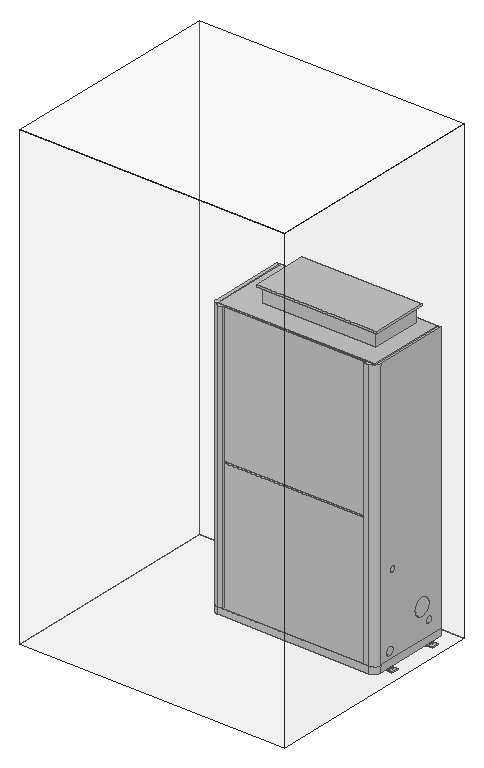
Revit family "pft-p224_560dme3_60Hz", category 機械設備, Revit 2019
Family settings
  丸型コネクタ寸法 = 直径を使用
  パーツ タイプ = 標準
  OmniClass 番号 = 23.75.10.24.21.27.27
  OmniClass タイトル = Split System Air Conditioning Units
  作業面ベース = いいえ
  常に垂直 = はい
  ロード時にボイドで切り取り = いいえ
  共有 = いいえ
  部屋計算ポイント = いいえ
Parameters (values of type "PFT-P224DME3")
  風量（m3／min） = 65
  風量 = MAX風量  # 3900.0 m³/h
  音響パワーレベル(dB) = 69
  電源種別 = ""
  電圧_電気ヒーター = 0 V
  電圧 = 200 V
  電動機出力_送風機 = 1500 W
  電動機出力_圧縮機 = 0 W
  運転質量 = 0.00 kg
  連動 = ""
  質量 = if(製品質量 > 運転質量, 製品質量, 運転質量) * 1.2  # 150.00 kg
  負荷分類 = 3_ファン類
  説明 = "設備用パッケージエアコン 空冷床置形・冷房専用 年間冷房中温用シリーズ"
  設計暖房能力 [instance] = 0 kW
  設計冷房能力_顕熱 [instance] = 0 kW
  設計冷房能力 [instance] = 0 kW
  設置方法 = "床置形"
  記号 [instance] = ""
  製造元 = "三菱電機株式会社"
  製品質量 = 125.00 kg
  製品出荷対象 = "国内"
  製品リリース年月 = ""
  製品グループ = ""
  系統 [instance] = ""
  符号 = "PAC-FRV(J)"
  積算_科目 = "1 空気調和設備"
  積算_拾い区分 [instance] = ""
  相_電気ヒーター = 1
  相 = 3
  盤記号 [instance] = ""
  発停方法 = ""
  特殊仕様 [instance] = ""
  火災停止 = ""
  消費電力_電気ヒーター = 0 W
  消費電力_暖房 = 0 W
  消費電力_加湿器 = 0 W
  消費電力_冷房 = 740 W
  消費電力 = if(消費電力_冷房 > 消費電力_暖房, 消費電力_冷房, 消費電力_暖房) + 消費電力_加湿器 + 消費電力_電気ヒーター  # 740 W
  法定耐用年数 = "15"
  機械基礎質量 [instance] = 0.00 kg
  機械基礎_W = 0 mm
  機械基礎_H = 0 mm
  機械基礎_D = 0 mm
  機械基礎 [instance] = no
  機外静圧 = 80.0 Pa
  極数 = 3
  材質 [instance] = ""
  本体マテリアル = none
  有効加湿量 = 0
  最小電線太さ_mm = 1.6
  最大電流値 = 6.5 A
  暖房能力 = 0 kW
  推奨ブレーカー容量 = 15 A
  形式_加湿器 = ""
  形式 = "床置（露出）立形"
  形名 = PFT-P-DME : PFT-P224DME3
  幹線記号 [instance] = ""
  始動方式 = "直入"
  呼称 = "パッケージ形空気調和機_室内機"
  周波数 = 60 Hz
  台数_手元リモコン [instance] = ""
  台数_冷媒分岐ユニット [instance] = ""
  参照している仕様書等のバージョン = "公共建築工事標準仕様書（機械設備工事編）平成31年度版"
  加湿給水管径 = 0.00 mm
  分類コード = "50053003083060"
  分類グループ = ""
  冷房能力 = 20 kW
  冷媒高低圧ガス管径 = 0.00 mm
  冷媒管径符号 = "Be"
  冷媒管径 = 100.00 mm
  冷媒液管径 = 9.52 mm
  冷媒ガス管径 = 19.05 mm
  価格 = 0
  企業コード = "108420"
  付属品_フィルター = ""
  付属品 [instance] = ""
  仕様書バージョン = "Version1.0"
  モデル = "PFT-P224DME3"
  ドレン管径 = 34.00 mm
  ダクト高 = 336 mm
  ダクト幅 = 715 mm
  サービススペース = yes
  コメント [instance] = ""
  Keynote = ""
  Width = 980 mm
  Version = ""
  Uniclass2015Version = "Systems v1.9"
  Uniclass2015Title = "Split coil remote air cooled condensing units"
  Uniclass2015Code = "Pr_70_65_03_84"
  URL = ""
  S寸法 = 150 mm
  SpecificationReference = ""
  SpecificationDescription = ""
  Revision = ""
  ProductInformation = ""
  OmniClassCode = "23-33 17 13 11"
  MAX風量 = 風量（m3／min） * 60.0 m³/h  # 3900.0 m³/h
  IfcTypeProduct = ""
  IfcProduct = ""
  IfcExportType = "AIRCONDITIONINGUNIT"
  IfcExportAs = "IfcUnitaryEquipmentType"
  Height = 1748 mm
  Depth = 485 mm
  Clearance Top = 1000 mm
  Clearance Right = 100 mm
  Clearance Left = 500 mm
  Clearance Front = 800 mm
  Clearance Back = 50 mm
  COP = 0
  Author = "三菱電機株式会社"
  APF = 0
Types (4, lengths in mm): name | 風量（m3／min） | 風量 | 音響パワーレベル(dB) | 電動機出力_送風機 | 質量 | 製品質量 | 消費電力_冷房 | 消費電力 | 機外静圧 | 最小電線太さ_mm | 最大電流値 | 推奨ブレーカー容量 | 形名 | 冷房能力 | 冷媒管径符号 | 冷媒液管径 | 冷媒ガス管径 | モデル | ドレン管径 | ダクト高 | ダクト幅 | Width | MAX風量 | Height | Depth | Clearance Left | Clearance Front
  PFT-P224DME3 | 65 | 3900.0 m³/h | 69 | 1500 W | 150.00 kg | 125.00 kg | 740 W | 740 W | 80.0 Pa | 1.6 | 6.5 A | 15 A | PFT-P-DME : PFT-P224DME3 | 20 kW | "Be" | 9.52 | 19.05 | "PFT-P224DME3" | 34.00 | 336 | 715 | 980 | 3900.0 m³/h | 1748 | 485 | 500 | 800
  PFT-P280DME3 | 90 | 5400.0 m³/h | 71 | 1500 W | 178.80 kg | 149.00 kg | 940 W | 940 W | 30.0 Pa | 1.6 | 6.5 A | 15 A | PFT-P-DME : PFT-P280DME3 | 25 kW | "Bf" | 9.52 | 22.20 | "PFT-P280DME3" | 34.00 | 336 | 895 | 1200 | 5400.0 m³/h | 1748 | 485 | 500 | 800
  PFT-P450DME3 | 140 | 8400.0 m³/h | 76 | 2200 W | 265.20 kg | 221.00 kg | 2130 W | 2130 W | 130.0 Pa | 1.6 | 9.5 A | 30 A | PFT-P-DME : PFT-P450DME3 | 40 kW | "Ch" | 12.70 | 28.58 | "PFT-P450DME3" | 42.70 | 484 | 1046 | 1200 | 8400.0 m³/h | 1899 | 635 | 100 | 1000
  PFT-P560DME3 | 165 | 9900.0 m³/h | 81 | 3700 W | 308.40 kg | 257.00 kg | 3200 W | 3200 W | 130.0 Pa | 2 | 15 A | 30 A | PFT-P-DME : PFT-P560DME3 | 50 kW | "Dh" | 15.88 | 28.58 | "PFT-P560DME3" | 42.70 | 484 | 1253 | 1420 | 9900.0 m³/h | 1899 | 635 | 100 | 1000
Reference planes
  plane 1: z = 0
  plane 2 "上": z = 1650
  plane 3: z = 1748
  plane 4: z = 0
  plane 5: z = 2748
  plane 6 "中心(正面/背面)": y = -242.5
  plane 7 "中心(左/右)": x = 0
  plane 8 "左": x = -490
  plane 9 "右": x = 490
  plane 10 "正面": y = -485
  plane 11 "背面": y = 0
  plane 12: y = 150
  plane 13: x = -640
  plane 14: y = -635
  plane 15: y = 50
  plane 16: y = -1285
  plane 17: x = -990
  plane 18: x = 590
  plane 19: x = 640
Dimensions and locks
  locked: plane 3 to plane 2 "上" at 98
  "Height": plane 3 to plane 4
  "Clearance Top": plane 5 to plane 3
  "機械基礎_H": plane 4 to plane 1
  equal spacing: plane 8 "左", plane 7 "中心(左/右)", plane 9 "右"
  "Width": plane 8 "左" to plane 9 "右"
  equal spacing: plane 10 "正面", plane 6 "中心(正面/背面)", plane 11 "背面"
  "Depth": plane 10 "正面" to plane 11 "背面"
  "S寸法": plane 11 "背面" to plane 12
  "S寸法": plane 14 to plane 10 "正面"
  "S寸法": plane 13 to plane 8 "左"
  "Clearance Left": plane 17 to plane 8 "左"
  "Clearance Right": plane 9 "右" to plane 18
  "Clearance Front": plane 16 to plane 10 "正面"
  "Clearance Back": plane 11 "背面" to plane 15
  "S寸法": plane 9 "右" to plane 19
  aligned and locked: level to plane 1
  aligned and locked: plane 18 to nested 1
  aligned and locked: plane 16 to nested 1
  aligned and locked: nested 1 to plane 17
  aligned and locked: nested 1 to plane 15
  aligned and locked: plane 7 "中心(左/右)" to nested 2
  aligned and locked: plane 6 "中心(正面/背面)" to nested 2
  aligned and locked: plane 5 to nested 1
  aligned and locked: plane 4 to nested 2
Nested families
  nested 1: "サービススペース（pft-p224_560dme3）" at (-200, -617.5, 1374), visible <- "サービススペース", type "サービススペース（pft-p224_560dme3）"
    with Width 1580 mm, Height 2748 mm, Depth 1335 mm
  nested 2: "PFT-P-DME" at (0, -242.5, 0), マテリアル1 <- "本体マテリアル", type <- "形名", type "PFT-P224DME3"
    with 表示 yes, マテリアル2 none, マテリアル1 none, ドレン径 34 mm
Connectors
  hvac at (32.5, -187, 1748), driven by "ダクト高", driven by "ダクト幅", driven by "機外静圧", driven by "風量"
    settings: on nested 2, index 1, duct flow 3900.0 m³/h, flow factor 0, pres drop 80.0 Pa, loss coef 0, conn angle 0.00°, conn width 715 mm, conn height 336 mm, conn diameter 609.6 mm, duct sys type 1, conn prof type 1, flow config 1, flow direction 2, loss method 4, conn ref index -1, conn util no, is conn primary yes, conn desc ""
  piping at (493, -92, 130), diameter 34, driven by "ドレン管径"
    settings: on nested 2, index 2, connector inside diameter 609.60 mm, connector length 0 mm, flow factor 0, pipe flow 0.0 L/s, pressure drop 0.0 Pa, fitting loss kfactor 0, connector angle 0.00°, fixture units 0, engagement length 0 mm, angle of deflection 0.00°, flow configuration 1, flow direction 2, fitting loss method 4, system type 16, joint type 0, gender type 0, connector reference index -1, connector utility 0, adjustable connector no, is connector primary yes, connector description ""
  piping at (493, -145, 220), diameter 100, driven by "冷媒管径", driven by "冷媒管径符号"
    settings: on nested 2, index 3, connector inside diameter 609.60 mm, connector length 0 mm, flow factor 0, pipe flow 0.0 L/s, pressure drop 0.0 Pa, fitting loss kfactor 0, connector angle 0.00°, fixture units 0, engagement length 0 mm, angle of deflection 0.00°, flow configuration 1, flow direction 1, fitting loss method 4, system type 7, joint type 0, gender type 0, connector reference index -1, connector utility 0, adjustable connector no, is connector primary no, connector description "Be"
  electrical at (493, -385, 90), driven by "極数", driven by "負荷分類", driven by "電圧", driven by "消費電力"
    settings: on nested 2, index 5, voltage 200 V, apparent load 740 VA, apparent load phase1 0 VA, apparent load phase2 0 VA, apparent load phase3 0 VA, power factor 1, load classification "3_ファン類", number of poles 3, system type 30, power factor state 1, is connector primary yes, connector utility no, sub classification motor no, connector description ""
Definition of nested family "サービススペース（pft-p224_560dme3）"
  Parameters (values of type "サービススペース")
    Width [instance] = 500 mm
    Height [instance] = 500 mm
    Depth [instance] = 500 mm
  Reference planes
    plane 1 "中心(正面/背面)": y = 0
    plane 2: z = 0
    plane 3 "中心(左/右)": x = 0
    plane 4: y = -250
    plane 5: x = 250
    plane 6: y = 250
    plane 7: x = -250
    plane 8: z = 250
    plane 9: z = -250
  Forms (mm)
    Extrusion 1, solid
      sketch origin (-638.939, 0, 72.39) x (1, 0, 0) y (0, 1, 0)
        loop
          line (388.939, 250) -> (388.939, -250) -> (888.939, -250) -> (888.939, 250) -> (388.939, 250)
      from -322.39 to 177.61
  Lines and regions (mm)
    symbolic lines
      curve 1: line (-250, 0, 250) -> (250, 0, 250)
      curve 2: line (-250, 0, -250) -> (-250, 0, 250)
      curve 3: line (250, 0, -250) -> (-250, 0, -250)
      curve 4: line (250, 0, 250) -> (250, 0, -250)
      curve 5: line (0, -250, 250) -> (0, 250, 250)
      curve 6: line (0, -250, -250) -> (0, -250, 250)
      curve 7: line (0, 250, -250) -> (0, -250, -250)
      curve 8: line (0, 250, 250) -> (0, 250, -250)
      curve 9: line (-250, 250, 0) -> (250, 250, 0)
      curve 10: line (-250, -250, 0) -> (-250, 250, 0)
      curve 11: line (250, -250, 0) -> (-250, -250, 0)
      curve 12: line (250, 250, 0) -> (250, -250, 0)
  Dimensions and locks
    equal spacing: plane 7, plane 3 "中心(左/右)", plane 5
    equal spacing: plane 4, plane 1 "中心(正面/背面)", plane 6
    "Depth": plane 4 to plane 6
    "Width": plane 7 to plane 5
    equal spacing: plane 8, plane 2, plane 9
    "Height": plane 8 to plane 9
    aligned and locked: plane 9 to curve 3
    aligned and locked: plane 7 to curve 2
    aligned and locked: curve 4 to plane 5
    aligned and locked: plane 5 to Extrusion 1
    aligned and locked: Extrusion 1 to plane 7
    aligned and locked: Extrusion 1 to plane 9
    aligned and locked: plane 8 to Extrusion 1
    aligned and locked: plane 9 to curve 7
  Automatic sketch dimensions
    plane 4 to Extrusion 1 sketch curve = 0 mm
    Extrusion 1 sketch curve to plane 7 = 0 mm
    Extrusion 1 sketch curve to plane 5 = 0 mm
    plane 6 to Extrusion 1 sketch curve = 0 mm
    curve 2 to plane 8 = 0 mm
    plane 4 to curve 11 = 0 mm
    curve 11 to plane 7 = 0 mm
    curve 11 to plane 5 = 0 mm
    plane 6 to curve 10 = 0 mm
    curve 7 to plane 4 = 0 mm
    curve 7 to plane 6 = 0 mm
    curve 6 to plane 8 = 0 mm
Definition of nested family "PFT-P-DME"
  Parameters (values of type "224DME3")
    液径 = 9.52 mm
    液-W = 0 mm
    液-H = 225 mm
    液-D = 185 mm
    高 = 1650 mm
    電源径 = 43 mm
    電源-W = 0 mm
    電源-H = 90 mm
    電源-D = 385 mm
    表示 [instance] = yes
    幅 = 980 mm
    奥行 = 485 mm
    吊りボルト径 = 12 mm
    吊りボルト-W = 1014 mm
    吊りボルト-D = 300 mm
    吊りボルト-H = 0 mm
    加湿給水管径 = 27 mm
    加湿給水-W = 365 mm
    加湿給水-H = 520 mm
    加湿給水-D = 0 mm
    冷媒径 = 100 mm
    ガス径 = 19.05 mm
    ガス-W = 0 mm
    ガス-H = 215 mm
    ガス-D = 105 mm
    マテリアル2 [instance] = none
    マテリアル1 [instance] = none
    ドレン径 = 50 mm
    ドレン-W = 0 mm
    ドレン-H = 130 mm
    ドレン-D = 92 mm
    w = 675 mm
    h = 98 mm
    d = 296 mm
    b = 100 mm
    a = 19 mm
  Types (5, lengths in mm): name | 液径 | 液-H | 液-D | 高 | 電源径 | 電源-H | 電源-D | 幅 | 奥行 | 吊りボルト-W | 吊りボルト-D | 加湿給水-W | 加湿給水-H | ガス径 | ガス-H | ガス-D | ドレン-H | w | h | d | b | a
    (no name) | 9.52 | 225 | 185 | 1650 | 43 | 90 | 385 | 980 | 485 | 1014 | 300 | 365 | 520 | 19.05 | 215 | 105 | 130 | 675 | 98 | 296 | 100 | 19
    224DME3 | 9.52 | 225 | 185 | 1650 | 43 | 90 | 385 | 980 | 485 | 1014 | 300 | 365 | 520 | 19.05 | 215 | 105 | 130 | 675 | 98 | 296 | 100 | 19
    280DME3 | 9.52 | 225 | 185 | 1650 | 43 | 90 | 385 | 1200 | 485 | 1234 | 300 | 365 | 520 | 19.05 | 215 | 105 | 130 | 855 | 98 | 296 | 152 | 19
    450DME3 | 12.7 | 296 | 118 | 1850 | 52 | 100 | 530 | 1200 | 635 | 1230 | 440 | 438 | 680 | 28.58 | 296 | 238 | 169 | 1006 | 49 | 444 | 82 | 21
    560DME3 | 12.7 | 296 | 118 | 1850 | 52 | 100 | 530 | 1420 | 635 | 1450 | 440 | 438 | 680 | 28.58 | 296 | 238 | 169 | 1213 | 49 | 444 | 83.5 | 21
  Reference planes
    plane 1 "中心(正面/背面)": y = 0
    plane 2: z = 0
    plane 3 "中心(左/右)": x = 0
    plane 4: x = 490
    plane 5: x = -490
    plane 6: y = 242.5
    plane 7: y = -242.5
    plane 8: z = 1748
    plane 9: z = 830
    plane 10: z = 1650
    plane 11: z = 40
    plane 12: y = 150
    plane 13: y = -150
    plane 14: x = 507
    plane 15: x = -507
    plane 16: y = 223.5
    plane 17: y = -162.5
    plane 18: z = 130
    plane 19: z = 90
    plane 20: y = 57.5
    plane 21: z = 225
    plane 22: z = 215
    plane 23: z = 1738
    plane 24: y = 137.5
    plane 25: x = 470
    plane 26: x = -470
    plane 27: z = 820
    plane 28: y = -222.5
    plane 29: x = -420
    plane 30: x = 420
    plane 31: y = -239.5
    plane 32: x = 530
    plane 33: x = -530
    plane 34: y = 170
    plane 35: y = 130
    plane 36: y = -130
    plane 37: y = -170
    plane 38: y = 203.5
    plane 39: z = 5
    plane 40: x = 390
    plane 41: x = 370
    plane 42: x = -305
    plane 43: x = -325
    plane 44: y = -112.5
    plane 45: y = -92.5
    plane 46: y = 150.5
    plane 47: y = -142.5
    plane 48: x = 493
    plane 49: y = 97.5
    plane 50: z = 220
    plane 51: y = -122.5
    plane 52: z = 520
  Forms (mm)
    Extrusion 1, solid, material <- "マテリアル1", visible <- "表示", detail levels fine
      sketch origin (0, 0, -400) x (1, 0, 0) y (0, 1, 0)
        loop
          line (420, -222.5) -> (-420, -222.5) -> (-420, -239.5) -> (420, -239.5) -> (420, -222.5)
      from 1230 to 2050
    Extrusion 2, solid, material <- "マテリアル1", visible <- "表示", detail levels fine
      sketch origin (0, 0, -800) x (1, 0, 0) y (0, 1, 0)
        loop
          line (-420, -239.5) -> (420, -239.5) -> (420, -222.5) -> (-420, -222.5) -> (-420, -239.5)
      from 840 to 1620
    Extrusion 3, solid, material <- "マテリアル2", visible <- "表示", detail levels fine
      sketch origin (0, 0, 0) x (1, 0, 0) y (0, 1, 0)
        loop
          line (490, 170) -> (490, 130) -> (530, 130) -> (530, 170) -> (490, 170)
        loop
          line (490, -130) -> (490, -170) -> (530, -170) -> (530, -130) -> (490, -130)
        loop
          line (-530, 170) -> (-530, 130) -> (-490, 130) -> (-490, 170) -> (-530, 170)
        loop
          line (-530, -130) -> (-530, -170) -> (-490, -170) -> (-490, -130) -> (-530, -130)
        loop
          circle (-507, 150) r 6
        loop
          circle (507, 150) r 6
        loop
          circle (507, -150) r 6
        loop
          circle (-507, -150) r 6
      from 0 to 5
    Extrusion 4, solid, material <- "マテリアル2", visible <- "表示", detail levels fine
      sketch origin (0, -1140, 0) x (0, -1, 0) y (1, 0, 0)
        loop
          line (-1343.5, 370) -> (-1343.5, -305) -> (-1047.5, -305) -> (-1047.5, 370) -> (-1343.5, 370)
      from 1650 to 1738
    Extrusion 5, solid, material <- "マテリアル2", visible <- "表示", detail levels fine
      sketch origin (0, -1140, -430) x (0, -1, 0) y (1, 0, 0)
        loop
          line (-1363.5, 390) -> (-1363.5, -325) -> (-1027.5, -325) -> (-1027.5, 390) -> (-1363.5, 390)
      from 2168 to 2178
    Extrusion 6, solid, material <- "マテリアル1", visible <- "表示", detail levels fine
      sketch origin (-1437.329, -1524, 1748) x (-1, 0, 0) y (0, -1, 0)
        loop
          line (-947.329, -1766.5) -> (-947.329, -1321.5)
          arc (-947.329, -1321.5) -> (-959.045, -1293.216) -> (-987.329, -1281.5) r 40
          line (-987.329, -1281.5) -> (-1017.329, -1281.5) -> (-1017.329, -1301.5) -> (-967.329, -1301.5) -> (-967.329, -1766.5) -> (-947.329, -1766.5)
        loop
          line (-1907.329, -1766.5) -> (-1907.329, -1301.5) -> (-1857.329, -1301.5) -> (-1857.329, -1281.5) -> (-1887.329, -1281.5)
          arc (-1887.329, -1281.5) -> (-1915.614, -1293.216) -> (-1927.329, -1321.5) r 40
          line (-1927.329, -1321.5) -> (-1927.329, -1766.5) -> (-1907.329, -1766.5)
      from -1708 to -98
    Extrusion 7, solid, material <- "マテリアル1", visible <- "表示", detail levels fine
      sketch origin (-1437.329, -1524, 1748) x (-1, 0, 0) y (0, -1, 0)
        loop
          line (-1907.329, -1766.5) -> (-967.329, -1766.5) -> (-967.329, -1301.5) -> (-1907.329, -1301.5) -> (-1907.329, -1766.5)
      from -1708 to -98
    Extrusion 8, solid, material <- "マテリアル2", visible <- "表示", detail levels fine
      sketch origin (-1437.329, -1524, 1748) x (-1, 0, 0) y (0, -1, 0)
        loop
          line (-947.329, -1766.5) -> (-947.329, -1321.5)
          arc (-947.329, -1321.5) -> (-959.045, -1293.216) -> (-987.329, -1281.5) r 40
          line (-987.329, -1281.5) -> (-1887.329, -1281.5)
          arc (-1887.329, -1281.5) -> (-1915.614, -1293.216) -> (-1927.329, -1321.5) r 40
          line (-1927.329, -1321.5) -> (-1927.329, -1766.5) -> (-947.329, -1766.5)
      from -1748 to -1708
    Extrusion 9, solid, material <- "マテリアル2", visible <- "表示", detail levels fine
      sketch origin (490, 1296.25, 1200) x (0, 1, 0) y (0, 0, 1)
        loop
          circle (-1438.75, -1110) r 21.5
        loop
          circle (-1145.75, -1070) r 25
        loop
          circle (-1418.75, -680) r 13.5
      from 0 to 3
    Extrusion 10, solid, material <- "マテリアル1", visible <- "表示", detail levels fine
      sketch origin (490, 1296.25, 1200) x (0, 1, 0) y (0, 0, 1)
        loop
          circle (-1198.75, -980) r 50
      from 0 to 3
  Lines and regions (mm)
    Masking region 1, visible <- "表示", detail levels coarse+medium
      outline origin (0, 0, 0) x (1, 0, 0) y (0, 1, 0)
        loop
          line (-490, 242.5) -> (-490, -242.5) -> (490, -242.5) -> (490, 242.5) -> (-490, 242.5)
    symbolic lines, visible <- "表示"
      curve 1: line (-490, 242.5, 1748) -> (-490, -242.5, 1748)
      curve 2: line (-490, -242.5, 1748) -> (490, -242.5, 1748)
      curve 3: line (490, -242.5, 1748) -> (490, 242.5, 1748)
      curve 4: line (490, 242.5, 1748) -> (-490, 242.5, 1748)
      curve 5: line (-325, 223.5, 1748) -> (-325, -112.5, 1748)
      curve 6: line (-325, -112.5, 1748) -> (390, -112.5, 1748)
      curve 7: line (390, -112.5, 1748) -> (390, 223.5, 1748)
      curve 8: line (390, 223.5, 1748) -> (-325, 223.5, 1748)
    model lines, visible <- "表示", detail levels fine
      curve 9: line (420, -239.5, 720) -> (-420, -239.5, 720)
      curve 10: line (420, -239.5, 670) -> (-420, -239.5, 670)
      curve 11: line (0, -239.5, 720) -> (0, -239.5, 270)
      curve 12: line (420, -239.5, 620) -> (-420, -239.5, 620)
      curve 13: line (420, -239.5, 570) -> (-420, -239.5, 570)
      curve 14: line (420, -239.5, 520) -> (-420, -239.5, 520)
      curve 15: line (420, -239.5, 470) -> (-420, -239.5, 470)
      curve 16: line (420, -239.5, 420) -> (-420, -239.5, 420)
      curve 17: line (420, -239.5, 370) -> (-420, -239.5, 370)
      curve 18: line (420, -239.5, 320) -> (-420, -239.5, 320)
      curve 19: line (420, -239.5, 270) -> (-420, -239.5, 270)
      curve 20: line (140, -239.5, 720) -> (140, -239.5, 270)
      curve 21: line (-140, -239.5, 270) -> (-140, -239.5, 720)
      curve 22: line (280, -239.5, 720) -> (280, -239.5, 270)
      curve 23: line (-280, -239.5, 270) -> (-280, -239.5, 720)
  Dimensions and locks
    equal spacing: plane 7, plane 1 "中心(正面/背面)", plane 6
    "奥行": plane 7 to plane 6
    equal spacing: plane 5, plane 3 "中心(左/右)", plane 4
    "幅": plane 5 to plane 4
    locked: plane 11 to level at 40
    equal spacing: plane 13, plane 1 "中心(正面/背面)", plane 12
    "吊りボルト-D": plane 13 to plane 12
    equal spacing: plane 15, plane 3 "中心(左/右)", plane 14
    "吊りボルト-W": plane 15 to plane 14
    "a": plane 16 to plane 6
    locked: plane 7 to plane 17 at 80
    "ドレン-H": plane 18 to level
    "電源-H": plane 19 to level
    "液-H": plane 21 to level
    locked: plane 10 to plane 9 at 820
    "ガス-H": plane 22 to level
    "h": plane 8 to plane 10
    locked: plane 8 to plane 23 at 10
    locked: plane 5 to plane 26 at 20
    locked: plane 25 to plane 4 at 20
    locked: plane 9 to plane 27 at 10
    locked: plane 7 to plane 28 at 20
    locked: plane 26 to plane 29 at 50
    locked: plane 30 to plane 25 at 50
    locked: plane 7 to plane 31 at 3
    locked: plane 33 to plane 5 at 40
    locked: plane 4 to plane 32 at 40
    plane 37 to plane 13 to plane 36 = 20 mm locked, 20 mm locked
    plane 35 to plane 12 to plane 34 = 20 mm locked, 20 mm locked
    locked: plane 38 to plane 16 at 20
    locked: plane 39 to level at 5
    "b": plane 40 to plane 4
    locked: plane 43 to plane 42 at 20
    locked: plane 41 to plane 40 at 20
    "w": plane 42 to plane 41
    locked: plane 44 to plane 45 at 20
    "d": plane 45 to plane 38
    curve 9 to curve 10 to curve 12 to curve 13 to curve 14 to curve 15 to curve 16 to curve 17 to curve 18 to curve 19 = 50 mm locked, 50 mm locked, 50 mm locked, 50 mm locked, 50 mm locked, 50 mm locked, 50 mm locked, 50 mm locked, 50 mm locked
    equal spacing: plane 30, curve 22, curve 20, curve 11, curve 21, curve 23, plane 29
    "高": plane 10 to level
    "液-D": plane 20 to plane 6
    "ガス-D": plane 24 to plane 6
    "ドレン-D": plane 46 to plane 6
    "電源-D": plane 47 to plane 6
    locked: plane 4 to plane 48 at 3
    equal spacing: plane 20, plane 49, plane 24
    equal spacing: plane 21, plane 50, plane 22
    "加湿給水-W": plane 51 to plane 6
    "加湿給水-H": plane 52 to level
    radius of Extrusion 6 sketch curve = 40 mm  (x2)
    "吊りボルト径": diameter of Extrusion 3 sketch curve  (x4)
    "ドレン径": diameter of Extrusion 9 sketch curve
    "電源径": diameter of Extrusion 9 sketch curve
    "冷媒径": diameter of Extrusion 10 sketch curve
    "加湿給水管径": diameter of Extrusion 9 sketch curve
    aligned and locked: level to plane 2
    aligned and locked: plane 13 to nested 1
    aligned and locked: plane 14 to nested 1
    aligned and locked: plane 15 to nested 1
    aligned and locked: nested 1 to plane 12
    aligned and locked: Extrusion 2 to plane 11
    aligned and locked: Extrusion 1 to plane 9
    aligned and locked: Extrusion 5 to plane 23
    aligned and locked: plane 8 to Extrusion 5
    aligned and locked: Extrusion 6 to plane 11
    aligned and locked: Extrusion 4 to Extrusion 5
    aligned and locked: Extrusion 4 to plane 10
    aligned and locked: plane 10 to Extrusion 6
    aligned and locked: plane 10 to Extrusion 1
    aligned and locked: plane 27 to Extrusion 2
    aligned and locked: Extrusion 2 sketch curve to plane 28
    aligned and locked: Extrusion 6 sketch curve to plane 7
    aligned and locked: Extrusion 6 sketch curve to plane 29
    aligned and locked: Extrusion 6 sketch curve to plane 30
    aligned and locked: Extrusion 6 sketch curve to plane 25
    aligned and locked: plane 28 to Extrusion 6 sketch curve  (x2)
    aligned and locked: Extrusion 2 sketch curve to plane 29
    aligned and locked: Extrusion 2 sketch curve to plane 30
    aligned and locked: plane 31 to Extrusion 2 sketch curve
    aligned and locked: Extrusion 1 sketch curve to plane 30
    aligned and locked: Extrusion 1 sketch curve to plane 29
    aligned and locked: Extrusion 1 sketch curve to plane 28
    aligned and locked: Extrusion 1 sketch curve to plane 31
    aligned and locked: Extrusion 7 sketch curve to plane 6
    aligned and locked: Extrusion 7 sketch curve to plane 26
    aligned and locked: Extrusion 7 sketch curve to plane 28
    aligned and locked: Extrusion 7 sketch curve to plane 25
    aligned and locked: plane 10 to Extrusion 7
    aligned and locked: Extrusion 7 to plane 11
    aligned and locked: plane 34 to Extrusion 3 sketch curve  (x2)
    aligned and locked: plane 4 to Extrusion 3 sketch curve  (x2)
    aligned and locked: Extrusion 3 sketch curve to plane 35  (x2)
    aligned and locked: Extrusion 3 sketch curve to plane 32  (x2)
    aligned and locked: plane 36 to Extrusion 3 sketch curve  (x2)
    aligned and locked: Extrusion 3 sketch curve to plane 37  (x2)
    aligned and locked: plane 33 to Extrusion 3 sketch curve  (x2)
    aligned and locked: Extrusion 3 sketch curve to plane 5  (x2)
    aligned and locked: plane 12 to Extrusion 3 sketch curve  (x2)
    aligned and locked: plane 15 to Extrusion 3 sketch curve  (x2)
    aligned and locked: plane 13 to Extrusion 3 sketch curve  (x2)
    aligned and locked: plane 14 to Extrusion 3 sketch curve  (x2)
    aligned and locked: Extrusion 3 to level
    aligned and locked: plane 39 to Extrusion 3
    aligned and locked: Extrusion 8 sketch curve to Extrusion 6  (x3)
    aligned and locked: Extrusion 8 sketch curve to Extrusion 7
    aligned and locked: Extrusion 8 to level
    aligned and locked: plane 11 to Extrusion 8
    aligned and locked: Extrusion 4 sketch curve to plane 38
    aligned and locked: Extrusion 4 sketch curve to plane 45
    aligned and locked: Extrusion 4 sketch curve to plane 41
    aligned and locked: Extrusion 4 sketch curve to plane 42
    aligned and locked: Extrusion 5 sketch curve to plane 40
    aligned and locked: Extrusion 5 sketch curve to plane 16
    aligned and locked: Extrusion 5 sketch curve to plane 44
    aligned and locked: Extrusion 5 sketch curve to plane 43
    aligned and locked: Masking region 1 sketch curve to Extrusion 8
    aligned and locked: Masking region 1 sketch curve to Extrusion 6
    aligned and locked: Masking region 1 sketch curve to plane 7
    aligned and locked: Masking region 1 sketch curve to plane 4
    aligned and locked: curve 1 to Masking region 1
    aligned and locked: curve 3 to Masking region 1
    aligned and locked: curve 4 to Masking region 1
    aligned and locked: curve 5 to Extrusion 5
    aligned and locked: curve 6 to Extrusion 5
    aligned and locked: curve 7 to Extrusion 5
    aligned and locked: curve 8 to Extrusion 5
    aligned and locked: plane 18 to Extrusion 9 sketch curve
    aligned and locked: plane 46 to Extrusion 9 sketch curve
    aligned and locked: plane 47 to Extrusion 9 sketch curve
    aligned and locked: plane 19 to Extrusion 9 sketch curve
    aligned and locked: Extrusion 9 to plane 4
    aligned and locked: plane 48 to Extrusion 9
    aligned and locked: plane 49 to Extrusion 10 sketch curve
    aligned and locked: plane 50 to Extrusion 10 sketch curve
    aligned and locked: Extrusion 10 to plane 4
    aligned and locked: plane 48 to Extrusion 10
    aligned and locked: plane 52 to Extrusion 9 sketch curve
    aligned and locked: plane 51 to Extrusion 9 sketch curve
  Automatic sketch dimensions
    Extrusion 6 sketch curve to plane 26 = 0 mm
    plane 7 to Extrusion 6 sketch curve = 0 mm
    Extrusion 6 sketch curve to plane 4 = 0 mm
    Extrusion 6 sketch curve to plane 5 = 0 mm
    plane 6 to Extrusion 6 sketch curve = 0 mm  (x2)
    plane 28 to Extrusion 2 sketch curve = 0 mm
    plane 7 to curve 2 = 0 mm
    curve 16 to plane 29 = 0 mm
    curve 9 to plane 29 = 0 mm
    curve 15 to plane 29 = 0 mm
    curve 10 to plane 29 = 0 mm
    curve 19 to plane 29 = 0 mm
    curve 18 to plane 29 = 0 mm
    curve 17 to plane 29 = 0 mm
    curve 12 to plane 29 = 0 mm
    curve 13 to plane 29 = 0 mm
    curve 14 to plane 29 = 0 mm
    curve 15 to plane 30 = 0 mm
    curve 12 to plane 30 = 0 mm
    curve 17 to plane 30 = 0 mm
    curve 13 to plane 30 = 0 mm
    curve 16 to plane 30 = 0 mm
    curve 14 to plane 30 = 0 mm
    curve 19 to plane 30 = 0 mm
    curve 18 to plane 30 = 0 mm
    curve 10 to plane 30 = 0 mm
    curve 9 to plane 30 = 0 mm
    plane 21 to curve 22 = 45 mm
  Nested families
    nested 1: "固定点" at (-507, -150, 0), visible <- "表示", type "固定点", detail levels fine
      with W 1014 mm, D 300 mm, 中心円 12 mm
  Definition of nested family "固定点"
    Parameters (values of type "固定点")
      中心円 = 20 mm
      W [instance] = 1000 mm
      D [instance] = 1000 mm
    Reference planes
      plane 1 "中心(正面/背面)": y = 0
      plane 2: z = 0
      plane 3 "中心(左/右)": x = 0
      plane 4: x = 1000
      plane 5: y = 1000
    Lines and regions (mm)
      symbolic lines, detail levels fine
        curve 1: circle (0, 1000, 0) r 10 normal (0, 0, 1)
        curve 2: circle (0, 0, 0) r 10 normal (0, 0, 1)
        curve 3: circle (1000, 1000, 0) r 10 normal (0, 0, 1)
        curve 4: circle (1000, 0, 0) r 10 normal (0, 0, 1)
        curve 5: line (-200, 1000, 0) -> (1200, 1000, 0)
        curve 6: line (-200, 0, 0) -> (1200, 0, 0)
        curve 7: line (0, 1200, 0) -> (0, -200, 0)
        curve 8: line (1000, 1200, 0) -> (1000, -200, 0)
    Dimensions and locks
      "W": plane 3 "中心(左/右)" to plane 4
      "D": plane 1 "中心(正面/背面)" to plane 5
      "中心円": diameter of curve 1
      "中心円": diameter of curve 2
      "中心円": diameter of curve 3
      "中心円": diameter of curve 4
      aligned and locked: level to plane 2
      aligned and locked: plane 5 to curve 1
      aligned and locked: plane 3 "中心(左/右)" to curve 1
      aligned and locked: plane 3 "中心(左/右)" to curve 2
      aligned and locked: plane 1 "中心(正面/背面)" to curve 2
      aligned and locked: plane 4 to curve 3
      aligned and locked: plane 5 to curve 3
      aligned and locked: plane 1 "中心(正面/背面)" to curve 4
      aligned and locked: plane 4 to curve 4
      aligned and locked: plane 1 "中心(正面/背面)" to curve 6
      aligned and locked: curve 7 to plane 3 "中心(左/右)"
      aligned and locked: curve 8 to plane 4
    Automatic sketch dimensions
      curve 5 to plane 5 = 0 mm
      curve 6 to plane 3 "中心(左/右)" = 200 mm
      curve 5 to plane 3 "中心(左/右)" = 200 mm
      curve 4 to curve 6 = 200 mm
      curve 3 to curve 5 = 200 mm
      plane 1 "中心(正面/背面)" to curve 8 = 200 mm
      plane 1 "中心(正面/背面)" to curve 7 = 200 mm
      curve 3 to curve 8 = 200 mm
      curve 1 to curve 7 = 200 mm
